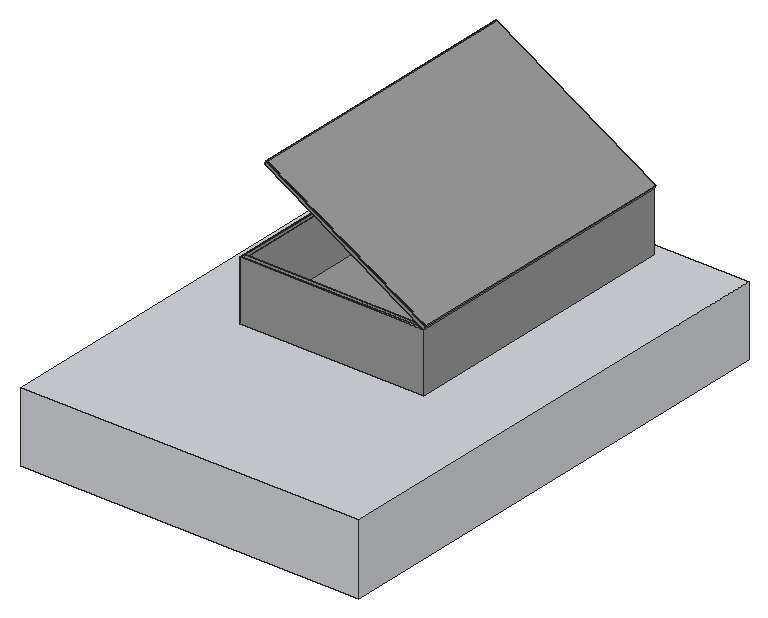
Revit family "Hager-Univers-IP55-D275-H1250-Cl.I-Steel_encl-CH-de", category Equipement électrique, Revit 2020
Family settings
  Hôte = Face
  Configuration du panneau = Deux colonnes, circuits au sein
  Cote de connecteur circulaire = Utiliser le diamètre
  Type d'élément = Tableau de raccordement
  Couper avec des vides une fois chargée = Non
  Partagée = Non
  Point de calcul de pièce = Non
Parameters (values of type "Aufputz IP55 B800 H1250 T275  - FR83E")
  Width Control [instance] = if([EF000008 - Breite] > Min Width, [EF000008 - Breite], Min Width)  # 800 mm
  Commentaires du type = [HG000003 - Bereich]  # "Univers"
  Thickness Door [instance] = if([EF009171 - Materialstärke Tür/Deckel] > 3 mm, 3 mm, [EF009171 - Materialstärke Tür/Deckel])  # 1.5 mm
  Seal Frame Offset [instance] = 17 mm  # constant formula
  Plinth Visibility [instance] = [HG000027 - Sockelhöhe] > 0 mm  # no
  Model = ""
  Min Width [instance] = 100 mm  # constant formula
  Min Height [instance] = 100 mm  # constant formula
  Min Depth [instance] = (2 * [EF009170 - Materialstärke Gehäuse]) + 1 mm  # 4 mm
  Internal Frame Depth [instance] = (Door System Depth * 0.5)  # 9 mm
  Height Control [instance] = if([EF000040 - Höhe] > Min Height, [EF000040 - Höhe], Min Height)  # 1250 mm
  HG000027 - Sockelhöhe = 0 mm
  HG000026 - Stehend auf dem Boden = no
  HG000024 - Höhe des unteren Teils = 800 mm
  HG000023 - Gehäuse mit doppeltem Querschnitt = no
  HG000016 - 3D-Türsichtbarkeit [instance] = yes
  HG000015 - Sichtbarkeit der Türöffnung [instance] = no
  HG000014 - Tür rechts [instance] = yes
  HG000013 - Tür links [instance] = not([HG000014 - Tür rechts])  # no
  HG000012 - Türschwenkwinkel [instance] = 30.00°
  HG000010 - Asymmetrische Türen = no
  HG000009 - Doppelflügeligen Tür = no
  HG000006 - Unterputz = no
  HG000004 - Herstellerreferenz = "FR83E"
  HG000003 - Bereich = "Univers"
  HG000002 - Mit tür = yes
  Frame Offset Bottom [instance] = 10 mm  # constant formula
  Frame Offset [instance] = 15 mm  # constant formula
  EF015940 - Deckel mit Überdruckentlastung = no
  EF011959 - Schutzart (NEMA) = ""
  EF009554 - Anzahl der Öffnungen für Flanschplatten = 6
  Fabricant = "Hager"  # constant formula
  EF009212 - Ausführung Deckel = "EV000116 - geschlossen"
  EF009171 - Materialstärke Tür/Deckel = 1.5 mm
  EF009170 - Materialstärke Gehäuse = 1.5 mm
  EF008873 - Nennstrom (In) = 800 A
  EF007800 - Geeignet für Blitzschutz = no
  EF006306 - Mit Schloss = no
  EF006244 - Transparenter Deckel/Tür = no
  EF005474 - Schutzart (IP) = "EV006420 - IP55"
  EF004464 - Art der Tür = "EV002646 - Einzel"
  EF004427 - Anzahl der Module = 288
  EF004293 - Schlagfestigkeit = "EV008784 - IK10"
  EF003532 - Geeignet für Außengebrauch = no
  EF002950 - Breite in Teilungseinheiten = 24
  EF001613 - Funktionserhalt = "EV000494 - ohne"
  EF001596 - Werkstoff des Gehäuses = "EV000179 - Stahl"
  EF001131 - Innentiefe = 275 mm
  EF001088 - Anbaumöglichkeit = yes
  EF000437 - Anzahl der Leitungseinführungen = 6
  EF000339 - Art der Abdeckung = "EV004216 - Tür"
  EF000266 - Anzahl der Reihen = 8
  EF000218 - Einbautiefe = 0 mm
  EF000118 - Mit Montageplatte = no
  EF000116 - RAL-Nummer = "7035"
  EF000049 - Tiefe = 275 mm
  EF000040 - Höhe = 1250 mm
  EF000008 - Breite = 800 mm
  EF000007 - Farbe = "EV000270 - grau"
  EF000003 - Montageart = "EV000384 - Aufputz"
  Door System Leaf Tolerance [instance] = 1.5 mm  # constant formula
  Door System Depth [instance] = 18 mm  # constant formula
  Door Height [instance] = Height Control - [HG000027 - Sockelhöhe]  # 1250 mm
  Depth Control [instance] = if([EF000049 - Tiefe] > Min Depth, [EF000049 - Tiefe], Min Depth)  # 275 mm
  Default Elevation = 0 mm
  Connector Offset [instance] = Height Control / 2  # 625 mm
  Bottom Top Plate Trim [instance] = 1.5 mm  # constant formula
  Plinth height Ctrl [instance] = if([HG000027 - Sockelhöhe] > 0 mm, [HG000027 - Sockelhöhe], 12 mm)  # 12 mm
Types (5, lengths in mm): name | Width Control | HG000010 - Asymmetrische Türen | HG000009 - Doppelflügeligen Tür | HG000004 - Herstellerreferenz | EF009554 - Anzahl der Öffnungen für Flanschplatten | EF004464 - Art der Tür | EF004427 - Anzahl der Module | EF000437 - Anzahl der Leitungseinführungen | EF000008 - Breite
  Aufputz IP55 B1050 H1250 T275  - FR84E | 1050 | no | yes | "FR84E" | 8 | "EV003602 - Doppel" | 384 | 8 | 1050
  Aufputz IP55 B1300 H1250 T275  - FR85E | 1300 | yes | yes | "FR85E" | 10 | "EV003602 - Doppel" | 480 | 10 | 1300
  Aufputz IP55 B300 H1250 T275  - FR81E | 300 | no | no | "FR81E" | 2 | "EV002646 - Einzel" | 96 | 2 | 300
  Aufputz IP55 B550 H1250 T275  - FR82E | 550 | no | no | "FR82E" | 4 | "EV002646 - Einzel" | 192 | 4 | 550
  Aufputz IP55 B800 H1250 T275  - FR83E | 800 | no | no | "FR83E" | 6 | "EV002646 - Einzel" | 288 | 6 | 800
Reference planes
  plane 1 "Center (Front/Back)": y = 0
  plane 2: z = 0
  plane 3 "Center (Left/Right)": x = 0
  plane 4: z = 275
  plane 5: y = 1.5
  plane 6: y = 625
  plane 7: y = 0
  plane 8: y = 1250
  plane 9: z = 0
  plane 10: x = -385
  plane 11: x = 385
  plane 12: x = 383.5
  plane 13: x = -383.5
  plane 14: y = 1248.5
  plane 15: x = -383
  plane 16: x = -400
  plane 17: x = 383
  plane 18: x = 400
  plane 19: x = 398.5
  plane 20: x = -398.5
  plane 21: y = 11.5
  plane 22: y = 1250
  plane 23: y = 1233.5
  plane 24: z = 257
  plane 25: z = 1.5
  plane 26: z = 255.5
  plane 27: z = 273.5
Forms (mm)
  Extrusion 1, solid
    sketch origin (0, 0, 0) x (1, 0, 0) y (0, 1, 0)
      loop
        line (-702.964, 1305) -> (-702.964, -811.445) -> (766.763, -811.445) -> (766.763, 1305) -> (-702.964, 1305)
    from 0 to -304.8
  Extrusion 2, solid, material "Hager_Steel_RAL7035_Light_Grey", visible <- "Plinth Visibility", detail levels medium+fine
    sketch origin (0, 0, 0) x (1, 0, 0) y (0, 1, 0)
      loop
        line (-400, 0) -> (400, 0) -> (400, 12) -> (-400, 12) -> (-400, 0)
    from 0 to 257
  Extrusion 3, solid, material "Hager_Steel_RAL7035_Light_Grey", detail levels medium+fine
    sketch origin (0, 0, 0) x (1, 0, 0) y (0, 1, 0)
      loop
        line (-400, 0) -> (400, 0) -> (400, 1250) -> (-400, 1250) -> (-400, 0)
    from 0 to 257
  Extrusion 4, void
    sketch origin (0, 0, 0) x (1, 0, 0) y (0, 1, 0)
      loop
        line (-398.5, 1.5) -> (398.5, 1.5) -> (398.5, 1248.5) -> (-398.5, 1248.5) -> (-398.5, 1.5)
    from 1.5 to 255.5
  Extrusion 5, void
    sketch origin (-381.607, -4572, 257) x (0, -1, 0) y (-1, 0, 0)
      loop
        line (-4583.5, 1.893) -> (-5805.5, 1.893) -> (-5805.5, -765.107) -> (-4583.5, -765.107) -> (-4583.5, 1.893)
    from 0 to 1.5 <- "EF009170 - Materialstärke Gehäuse"
  Extrusion 6, solid, material "Hager_Steel_RAL7035_Light_Grey", detail levels fine
    sketch origin (0, 0, 257) x (1, 0, 0) y (0, 1, 0)
      loop
        line (-383.5, 1233.5) -> (-383.5, 11.5) -> (383.5, 11.5) -> (383.5, 1233.5) -> (-383.5, 1233.5)
      loop
        line (-385, 10) -> (385, 10) -> (385, 1235) -> (-385, 1235) -> (-385, 10)
    from 0 to 9 <- "Internal Frame Depth"
  Extrusion 7, solid, material "Hager_Steel_RAL7035_Light_Grey", detail levels coarse
    sketch origin (0, 0, 0) x (1, 0, 0) y (0, 1, 0)
      loop
        line (-400, 0) -> (400, 0) -> (400, 1250) -> (-400, 1250) -> (-400, 0)
    from 0 to 275
  Sweep 8, void
    path in 3D
      loop
        line (-400, 12, 0) -> (400, 12, 0) -> (400, 12, 257) -> (-400, 12, 257) -> (-400, 12, 0)
    profile origin (-400, 12, 128.5) x (-1, 0, 0) y (0, -1, 0)
      loop
        line (0, 0) -> (0, 1.5) -> (-1.5, 1.5)
        arc (-1.5, 1.5) -> (-1.061, 0.439) -> (0, 0) r 1.5
Cuts and joins
  Extrusion 4, Extrusion 5 cuts Extrusion 3
  Sweep 8 cuts Extrusion 2
Lines and regions (mm)
  Masking region 1
    outline origin (0, 0, 0) x (1, 0, 0) y (0, 0, 1)
      loop
        line (-400, 275) -> (-400, 0) -> (400, 0) -> (400, 275) -> (-400, 275)
  Masking region 2, detail levels medium+fine
    outline origin (0, 140, 0) x (0, 1, 0) y (0, 0, 1)
      loop
        line (-140, 0) -> (1110, 0) -> (1110, 257) -> (-140, 257) -> (-140, 0)
  Masking region 3, not visible, detail levels medium+fine
    outline origin (0, 297.922, 0) x (0, 1, 0) y (0, 0, 1)
      loop
        line (338.578, 0) -> (378.578, 0) -> (378.578, 263.5)
        arc (378.578, 263.5) -> (375.649, 270.571) -> (368.578, 273.5) r 10
        line (368.578, 273.5) -> (338.578, 273.5) -> (338.578, 0)
  Masking region 4, detail levels coarse
    outline origin (0, 0, 180) x (0, 1, 0) y (0, 0, 1)
      loop
        line (0, -180) -> (1250, -180) -> (1250, 95) -> (0, 95) -> (0, -180)
  Masking region 5, visible <- "Plinth Visibility", detail levels medium+fine
    outline origin (0, 52.24, 12.345) x (0, 0, -1) y (0, 1, 0)
      loop
        line (10.845, -40.24) -> (-243.155, -40.24)
        arc (-243.155, -40.24) -> (-243.594, -41.301) -> (-244.655, -41.74) r 1.5
        line (-244.655, -41.74) -> (-244.655, -52.24) -> (12.345, -52.24) -> (12.345, -41.74)
        arc (12.345, -41.74) -> (11.285, -41.301) -> (10.845, -40.24) r 1.5
  Masking region 6, detail levels medium+fine
    outline origin (-381.607, -4572, 257) x (-1, 0, 0) y (0, -1, 0)
      loop
        line (18.393, -5822) -> (18.393, -4572) -> (-781.607, -4572) -> (-781.607, -5822) -> (18.393, -5822)
  Masking region 7, visible <- "Plinth Visibility", detail levels medium+fine
    outline origin (-381.607, -4727, 257) x (-1, 0, 0) y (0, -1, 0)
      loop
        arc (16.893, -4739) -> (17.332, -4737.939) -> (18.393, -4737.5) r 1.5
        line (18.393, -4737.5) -> (18.393, -4727) -> (-781.607, -4727) -> (-781.607, -4737.5)
        arc (-781.607, -4737.5) -> (-780.546, -4737.939) -> (-780.107, -4739) r 1.5
        line (-780.107, -4739) -> (16.893, -4739)
  Masking region 8, detail levels coarse
    outline origin (-442.548, -4669.526, 257) x (-1, 0, 0) y (0, -1, 0)
      loop
        line (-42.548, -5919.526) -> (-42.548, -4669.526) -> (-842.548, -4669.526) -> (-842.548, -5919.526) -> (-42.548, -5919.526)
  sketch lines
    curve 1: line (-400, 12, 257) -> (-400, 12, 0)
    curve 2: line (400, 12, 257) -> (-400, 12, 257)
    curve 3: line (400, 12, 257) -> (400, 12, 0)
    curve 4: line (-400, 12, 0) -> (400, 12, 0)
Dimensions and locks
  "Depth Control": plane 4 to Extrusion 1
  "HG000027 - Sockelhöhe": plane 1 "Center (Front/Back)" to plane 7
  "EF009170 - Materialstärke Gehäuse": plane 5 to plane 7
  locked: connector elem to plane 3 "Center (Left/Right)"
  equal spacing: plane 8, plane 6, plane 7
  locked: connector elem to plane 6
  "EF009170 - Materialstärke Gehäuse": plane 8 to plane 14
  "EF009170 - Materialstärke Gehäuse": plane 10 to plane 13
  "EF009170 - Materialstärke Gehäuse": plane 12 to plane 11
  "Frame Offset": plane 20 to plane 13
  "Frame Offset": plane 12 to plane 19
  "EF009170 - Materialstärke Gehäuse": plane 16 to plane 20
  "EF009170 - Materialstärke Gehäuse": plane 19 to plane 18
  "Seal Frame Offset": plane 16 to plane 15
  "Seal Frame Offset": plane 17 to plane 18
  "Frame Offset Bottom": plane 21 to plane 5
  "Frame Offset": plane 14 to plane 23
  equal spacing: plane 16, plane 3 "Center (Left/Right)", plane 18
  "Width Control": plane 16 to plane 18
  "EF009170 - Materialstärke Gehäuse": plane 4 to plane 27
  "EF009170 - Materialstärke Gehäuse": plane 24 to plane 26
  "EF009170 - Materialstärke Gehäuse": plane 25 to level
  "Door System Depth": plane 4 to plane 24
  "Height Control": plane 1 "Center (Front/Back)" to Extrusion 7 sketch curve
  "Height Control": Masking region 4 sketch curve to plane 1 "Center (Front/Back)"
  "Height Control": plane 1 "Center (Front/Back)" to plane 22
  "Bottom Top Plate Trim": profile plane to Sweep 8 sketch curve
  "Bottom Top Plate Trim": Sweep 8 sketch curve to profile plane
  "Plinth height Ctrl": plane 1 "Center (Front/Back)" to Extrusion 2 sketch curve
  "Plinth height Ctrl": Masking region 5 sketch curve to plane 1 "Center (Front/Back)"
  "Plinth height Ctrl": plane 1 "Center (Front/Back)" to Masking region 7 sketch curve
  "Thickness Door": Extrusion 6 sketch curve to Extrusion 6 sketch curve  (x3)
  "Thickness Door": cut or joined group of Extrusion 3, Extrusion 4, Extrusion 5 to Extrusion 6 sketch curve
  radius of Masking region 3 sketch curve = 10 mm
  "Bottom Top Plate Trim": radius of Masking region 5 sketch curve  (x2)
  "Bottom Top Plate Trim": radius of Sweep 8 sketch curve
  "Bottom Top Plate Trim": radius of Masking region 7 sketch curve  (x2)
  aligned and locked: plane 2 to Extrusion 1
  aligned and locked: level to Extrusion 1
  aligned and locked: level to Masking region 1 sketch curve
  aligned and locked: Masking region 1 sketch curve to plane 18
  aligned and locked: Masking region 1 sketch curve to plane 16
  aligned and locked: plane 7 to Masking region 2 sketch curve
  aligned and locked: level to Masking region 3 sketch curve
  aligned and locked: Masking region 3 sketch curve to plane 27
  aligned and locked: level to Masking region 2 sketch curve
  aligned and locked: plane 1 "Center (Front/Back)" to Extrusion 2 sketch curve
  aligned and locked: Extrusion 3 sketch curve to plane 7
  aligned and locked: plane 16 to Extrusion 3 sketch curve
  aligned and locked: plane 18 to Extrusion 3 sketch curve
  aligned and locked: plane 20 to Extrusion 4 sketch curve
  aligned and locked: plane 19 to Extrusion 4 sketch curve
  aligned and locked: Extrusion 4 sketch curve to plane 5
  aligned and locked: Extrusion 4 to plane 25
  aligned and locked: plane 26 to Extrusion 4
  aligned and locked: plane 24 to Extrusion 3
  aligned and locked: Extrusion 5 sketch curve to plane 21
  aligned and locked: Extrusion 5 sketch curve to plane 13
  aligned and locked: Extrusion 5 sketch curve to plane 12
  aligned and locked: plane 18 to Extrusion 7 sketch curve
  aligned and locked: plane 1 "Center (Front/Back)" to Extrusion 7 sketch curve
  aligned and locked: plane 16 to Extrusion 7 sketch curve
  aligned and locked: plane 4 to Extrusion 7
  aligned and locked: Extrusion 7 to level
  aligned and locked: level to Masking region 4 sketch curve
  aligned and locked: Masking region 4 sketch curve to plane 1 "Center (Front/Back)"
  aligned and locked: Masking region 4 sketch curve to plane 4
  aligned and locked: nested 1 to level
  aligned and locked: nested 1 to plane 16
  aligned and locked: plane 8 to Extrusion 3 sketch curve
  aligned and locked: plane 23 to Extrusion 5 sketch curve
  aligned and locked: plane 14 to Extrusion 4 sketch curve
  aligned and locked: Masking region 2 sketch curve to plane 8
  aligned and locked: level to Masking region 5 sketch curve
  aligned and locked: plane 16 to Extrusion 2 sketch curve
  aligned and locked: plane 18 to Extrusion 2 sketch curve
  aligned and locked: Masking region 5 sketch curve to plane 24
  aligned and locked: Masking region 2 sketch curve to plane 24
  aligned and locked: plane 24 to Extrusion 2
  aligned and locked: profile plane to Sweep 8 sketch curve  (x2)
  aligned and locked: Masking region 6 sketch curve to plane 18
  aligned and locked: Masking region 6 sketch curve to plane 22
  aligned and locked: Masking region 6 sketch curve to plane 16
  aligned and locked: plane 8 to plane 22
  aligned and locked: Masking region 6 sketch curve to plane 7
  aligned and locked: Masking region 7 sketch curve to plane 16
  aligned and locked: Masking region 7 sketch curve to plane 1 "Center (Front/Back)"
  aligned and locked: Masking region 7 sketch curve to plane 18
  aligned and locked: Masking region 8 sketch curve to plane 1 "Center (Front/Back)"
  aligned and locked: Masking region 8 sketch curve to plane 18
  aligned and locked: Masking region 8 sketch curve to plane 22
  aligned and locked: Masking region 8 sketch curve to plane 16
  aligned and locked: nested 2 to plane 7
  aligned and locked: plane 3 "Center (Left/Right)" to nested 2
  aligned and locked: nested 2 to plane 24
  aligned and locked: Extrusion 6 sketch curve to cut or joined group of Extrusion 3, Extrusion 4, Extrusion 5  (x4)
Automatic sketch dimensions
  Extrusion 1 sketch curve to Extrusion 1 sketch curve = 1469.727 mm
  Extrusion 1 sketch curve to Extrusion 1 sketch curve = 2116.445 mm
  Masking region 1 sketch curve to plane 4 = 0 mm
  plane 6 to Masking region 3 sketch curve = 11.5 mm
  Masking region 3 sketch curve to Masking region 3 sketch curve = 30 mm
  Masking region 5 sketch curve to plane 1 "Center (Front/Back)" = 0 mm
Nested families
  nested 1: "Hager_Enclosure_Symbol" at (-400, 0, 0) x (1, 0, 0) z (0, -1, 0), Height <- "Depth Control", Width <- "Width Control", type "Hager_Enclosure_Symbol"
    with Width_Ctrl 800 mm, Width 800 mm, Height_Ctrl 275 mm, Height 275 mm, A_Width_Int 18.047 mm, A_Width 216.562 mm, A_Height_Ctrl 240.625 mm, A_Height 240.625 mm
  nested 2: "EC000058_Univers_Door" at (0, 0, 257) x (1, 0, 0) z (0, 1, 0), Leaf_Tolerance <- "Door System Leaf Tolerance", Angle <- "HG000012 - Türschwenkwinkel", Door_Depth <- "Door System Depth", Door_Left <- "HG000013 - Tür links", Transparent <- "EF006244 - Transparenter Deckel/Tür", Assymetrical <- "HG000010 - Asymmetrische Türen", Width <- "Width Control", Clearance <- "HG000015 - Sichtbarkeit der Türöffnung", Double <- "HG000009 - Doppelflügeligen Tür", 3d_Door <- "HG000016 - 3D-Türsichtbarkeit", Lock_Visibility <- "EF006306 - Mit Schloss", Width_Ctrl <- "Width Control", Door_Right <- "HG000014 - Tür rechts", Door <- "HG000002 - Mit tür", Height <- "Door Height", Thickness <- "Thickness Door", type "EC000058_Univers_Door", detail levels medium+fine
    with min_wh 4 mm, Width_Ctrl 800 mm, Width 800 mm, Transparent no, Thickness 1.5 mm, Seal_Material Hager_Rubber, Lock_Visibility no, Lock_Material Hager_Plastic_RAL9005_Jet_Black, Leaf_Width 800 mm, Leaf_Tolerance_External_Sides 0 mm, Leaf_Tolerance 1.5 mm, Leaf_Offset 0 mm, Leaf_Height 1247 mm, Leaf_2_Width 800 mm, Leaf_2_Offset 400 mm, Leaf_1_Width 800 mm, Leaf_1_Offset 400 mm, Height_Ctrl 1250 mm, Height 1250 mm, Glass_Material Hager_Glass, Double_Clearance_Ctrl no, Double no, Door_Right_Ctrl yes, Door_Right yes, Door_Material Hager_Steel_RAL7035_Light_Grey, Door_Left_Ctrl no, Door_Left no, Door_Depth 18 mm, Door yes, Clearance_Material Hager_Clearance, Clearance_Depth 800 mm, Clearance_Ctrl no, Clearance no, Assymetrical no, Angle 30.00°, 3d_Door yes
Connectors
  electrical at (0, 625, 0)
    settings: on plane 9, index 1, voltage 0 V, apparent load 0 VA, apparent load phase1 0 VA, apparent load phase2 0 VA, apparent load phase3 0 VA, power factor 1, load classification "Other", number of poles 1, system type 30, power factor state 1, is connector primary yes, connector utility no, sub classification motor no, connector description ""
Definition of nested family "EC000058_Univers_Door"
  Parameters (values of type "EC000058_Univers_Door")
    min_wh [instance] = (2 * Thickness) + 1 mm  # 11 mm
    Width_Ctrl [instance] = 400 mm
    Width [instance] = 500 mm
    Transparent [instance] = yes
    Thickness [instance] = 5 mm
    Seal_Material [instance] = none
    Lock_Visibility [instance] = yes
    Lock_Material [instance] = none
    Leaf_Width [instance] = if((Width_Ctrl - 2 * Leaf_Tolerance_External_Sides) > 0 mm, (Width_Ctrl - 2 * Leaf_Tolerance_External_Sides), min_wh)  # 400 mm
    Leaf_Tolerance_External_Sides [instance] = 0 mm  # constant formula
    Leaf_Tolerance [instance] = 1.5 mm
    Leaf_Offset [instance] = 0 mm  # constant formula
    Leaf_Height [instance] = if((Height_Ctrl - 2 * Leaf_Tolerance) > 0 mm, (Height_Ctrl - 2 * Leaf_Tolerance), min_wh)  # 497 mm
    Leaf_2_Width [instance] = if(and(and(Double, Assymetrical), Door_Left), (Leaf_Width / 3) - (Leaf_Tolerance / 2), if(and(and(Double, Assymetrical), Door_Right), (Leaf_Width / 3) * 2 - (Leaf_Tolerance / 2), if(and(Double, not(Assymetrical)), (Leaf_Width / 2) - Leaf_Tolerance, Leaf_Width)))  # 400 mm
    Leaf_2_Offset [instance] = if(and(Double, Assymetrical), Leaf_2_Width / 2, if(and(Double, not(Assymetrical)), Leaf_Width / 4, Leaf_Width / 2))  # 200 mm
    Leaf_1_Width [instance] = if(and(and(Double, Assymetrical), Door_Right), (Leaf_Width / 3) - (Leaf_Tolerance / 2), if(and(and(Double, Assymetrical), Door_Left), (Width / 3) * 2 - (Leaf_Tolerance / 2), if(and(Double, not(Assymetrical)), (Leaf_Width / 2) - Leaf_Tolerance, Leaf_Width)))  # 400 mm
    Leaf_1_Offset [instance] = if(and(Double, Assymetrical), Leaf_1_Width / 2, if(and(Double, not(Assymetrical)), Leaf_Width / 4, Leaf_Width / 2))  # 200 mm
    Height_Ctrl [instance] = if(Height > min_wh, Height, min_wh)  # 500 mm
    Height [instance] = 500 mm
    Glass_Material [instance] = none
    Double_Clearance_Ctrl [instance] = and(Double, Clearance)  # no
    Double [instance] = no
    Door_Right_Ctrl [instance] = and(or(Door_Right, Double), Door)  # yes
    Door_Right [instance] = yes
    Door_Material [instance] = none
    Door_Left_Ctrl [instance] = and(or(Door_Left, Double), Door)  # no
    Door_Left [instance] = no
    Door_Depth [instance] = 30 mm
    Door [instance] = yes
    Default Elevation = 1219.2 mm
    Clearance_Material [instance] = none
    Clearance_Depth [instance] = if(Leaf_1_Width > Leaf_2_Width, Leaf_1_Width, Leaf_2_Width)  # 400 mm
    Clearance_Ctrl [instance] = and(not(Double), Clearance)  # yes
    Clearance [instance] = yes
    Assymetrical [instance] = yes
    Angle [instance] = 30.00°
    3d_Door [instance] = yes
  Reference planes
    plane 1 "Center (Front/Back)": y = 0
    plane 2 "Bottom": z = 0
    plane 3 "Center (Left/Right)": x = 0
    plane 4: z = 500
    plane 5: x = -200
    plane 6: x = 200
    plane 7: z = 500
    plane 8: x = -200
    plane 9: z = 0
    plane 10: x = 200
    plane 11: y = 0
    plane 12: z = 1.5
    plane 13: x = -600
    plane 14: y = -400
    plane 15: x = 600
    plane 16: x = 0
    plane 17: x = 0
    plane 18: x = -200
    plane 19: x = 200
    plane 20: z = 498.5
  Forms (mm)
    Extrusion 1, solid, material <- "Clearance_Material", visible <- "Double_Clearance_Ctrl"
      sketch origin (1200, 0, 0) x (1, 0, 0) y (0, 0, -1)
        loop
          line (-1800, -498.5) -> (-600, -498.5) -> (-600, 0) -> (-1800, 0) -> (-1800, -498.5)
      from 0 to -400
  Dimensions and locks
    equal spacing: plane 5, plane 3 "Center (Left/Right)", plane 6
    "Width_Ctrl": plane 5 to plane 6
    "Leaf_Offset": plane 5 to plane 8
    "Leaf_Offset": plane 6 to plane 10
    "Leaf_Offset": plane 9 to level
    "Leaf_Offset": plane 4 to plane 7
    "Height_Ctrl": plane 4 to level
    "Leaf_Tolerance": plane 12 to plane 9
    locked: plane 11 to plane 1 "Center (Front/Back)"
    "Leaf_1_Offset": plane 18 to plane 16
    "Leaf_2_Offset": plane 17 to plane 19
    "Leaf_1_Width": plane 13 to plane 8
    "Leaf_2_Width": plane 10 to plane 15
    "Clearance_Depth": plane 14 to plane 1 "Center (Front/Back)"
    "Leaf_Tolerance_External_Sides": plane 8 to plane 18
    "Leaf_Tolerance_External_Sides": plane 19 to plane 10
    "Leaf_Tolerance": plane 7 to plane 20
    aligned and locked: level to plane 2 "Bottom"
    aligned and locked: nested 1 to plane 16
    aligned and locked: nested 2 to plane 17
    aligned and locked: Extrusion 1 to plane 13
    aligned and locked: plane 15 to Extrusion 1
    aligned and locked: Extrusion 1 to plane 14
    aligned and locked: plane 12 to nested 1
    aligned and locked: nested 2 to plane 12
    aligned and locked: Extrusion 1 to plane 11
    aligned and locked: plane 20 to Extrusion 1
    aligned and locked: nested 2 to plane 11
    aligned and locked: nested 1 to plane 11
  Automatic sketch dimensions
    Extrusion 1 sketch curve to level = 0 mm
    plane 5 to Extrusion 1 sketch curve = 400 mm
    plane 6 to Extrusion 1 sketch curve = 400 mm
    Extrusion 1 sketch curve to plane 4 = 1.5 mm
  Nested families
    nested 1: "EC000058_Univers_Door_Leaf" at (0, 0, 1.5), Width <- "Leaf_1_Width", visible <- "Door_Left_Ctrl", Leaf_Height <- "Leaf_Height", Angle <- "Angle", 3d_Door <- "3d_Door", Transparent <- "Transparent", Clearance Material <- "Clearance_Material", Clearance <- "Clearance_Ctrl", Door_Material <- "Door_Material", Glass_Material <- "Glass_Material", Door_Depth <- "Door_Depth", Lock_Material <- "Lock_Material", Seal_Material <- "Seal_Material", Lock_Visibility <- "Lock_Visibility", Thickness <- "Thickness", type "EC000058_Univers_Door_Leaf"
      with Width 400 mm, Transparent_Glass_Offset 30 mm, Transparent_Ctrl yes, Transparent yes, Thickness 5 mm, Standard no, Seal_Material none, Seal_D2 8 mm, Seal_D1 1 mm, Offset_Internal_Frame 10 mm, Lock_Width 20 mm, Lock_Visibility_3d yes, Lock_Visibility yes, Lock_Thickness_3 3 mm, Lock_Thickness_2 1 mm, Lock_Thickness_1 3 mm, Lock_Radius_Offset_2 16 mm, Lock_Radius_Offset_1 15 mm, Lock_Radius_2 5 mm, Lock_Radius 6 mm, Lock_Offset 5 mm, Lock_Material none, Lock_Height 80 mm, Lock_Cover_Top_Offset_2d 17 mm, Lock_Cover_Height -65 mm, Leaf_Height 497 mm, Internal_Seal_Thickness 8 mm, Internal_Seal_Depth_2 4.5 mm, Internal_Frame_Depth 25 mm, Glass_Thickness -1 mm, Glass_Offset -2 mm, Glass_Material none, Door_Material none, Door_Depth 30 mm, Clearance Material none, Clearance yes, Angle_Ctrl 30.00°, Angle 30.00°, 3d_Door yes
    nested 2: "EC000058_Univers_Door_Leaf" at (0, 0, 1.5) x (-1, 0, 0) z (0, 0, 1), Width <- "Leaf_2_Width", visible <- "Door_Right_Ctrl", Leaf_Height <- "Leaf_Height", Angle <- "Angle", 3d_Door <- "3d_Door", Transparent <- "Transparent", Clearance Material <- "Clearance_Material", Clearance <- "Clearance_Ctrl", Door_Material <- "Door_Material", Glass_Material <- "Glass_Material", Door_Depth <- "Door_Depth", Lock_Material <- "Lock_Material", Seal_Material <- "Seal_Material", Lock_Visibility <- "Lock_Visibility", Thickness <- "Thickness", type "EC000058_Univers_Door_Leaf"
      with Width 400 mm, Transparent_Glass_Offset 30 mm, Transparent_Ctrl yes, Transparent yes, Thickness 5 mm, Standard no, Seal_Material none, Seal_D2 8 mm, Seal_D1 1 mm, Offset_Internal_Frame 10 mm, Lock_Width 20 mm, Lock_Visibility_3d yes, Lock_Visibility yes, Lock_Thickness_3 3 mm, Lock_Thickness_2 1 mm, Lock_Thickness_1 3 mm, Lock_Radius_Offset_2 16 mm, Lock_Radius_Offset_1 15 mm, Lock_Radius_2 5 mm, Lock_Radius 6 mm, Lock_Offset 5 mm, Lock_Material none, Lock_Height 80 mm, Lock_Cover_Top_Offset_2d 17 mm, Lock_Cover_Height -65 mm, Leaf_Height 497 mm, Internal_Seal_Thickness 8 mm, Internal_Seal_Depth_2 4.5 mm, Internal_Frame_Depth 25 mm, Glass_Thickness -1 mm, Glass_Offset -2 mm, Glass_Material none, Door_Material none, Door_Depth 30 mm, Clearance Material none, Clearance yes, Angle_Ctrl 30.00°, Angle 30.00°, 3d_Door yes
  Definition of nested family "EC000058_Univers_Door_Leaf"
    Parameters (values of type "EC000058_Univers_Door_Leaf")
      Width [instance] = 2000 mm
      Transparent_Glass_Offset [instance] = 30 mm
      Transparent_Ctrl [instance] = and(Transparent, [3d_Door])  # yes
      Transparent [instance] = yes
      Thickness [instance] = 5 mm
      Standard [instance] = and(not(Transparent), [3d_Door])  # no
      Seal_Material [instance] = none
      Seal_D2 [instance] = 8 mm  # constant formula
      Seal_D1 [instance] = 1 mm  # constant formula
      Offset_Internal_Frame [instance] = 10 mm  # constant formula
      Lock_Width [instance] = 20 mm  # constant formula
      Lock_Visibility_3d [instance] = and(Lock_Visibility, [3d_Door])  # yes
      Lock_Visibility [instance] = yes
      Lock_Thickness_3 [instance] = 3 mm  # constant formula
      Lock_Thickness_2 [instance] = 1 mm  # constant formula
      Lock_Thickness_1 [instance] = 3 mm  # constant formula
      Lock_Radius_Offset_2 [instance] = Lock_Radius_Offset_1 + 1 mm  # 16 mm
      Lock_Radius_Offset_1 [instance] = 15 mm  # constant formula
      Lock_Radius_2 [instance] = Lock_Radius - 1 mm  # 5 mm
      Lock_Radius [instance] = 6 mm  # constant formula
      Lock_Offset [instance] = 5 mm  # constant formula
      Lock_Material [instance] = none
      Lock_Height [instance] = 80 mm  # constant formula
      Lock_Cover_Top_Offset_2d [instance] = Lock_Radius_Offset_2 + 1 mm  # 17 mm
      Lock_Cover_Height [instance] = -(Lock_Height - Lock_Radius_Offset_1)  # -65 mm
      Leaf_Height [instance] = 2720.336 mm
      Internal_Seal_Thickness [instance] = 8 mm  # constant formula
      Internal_Seal_Depth_2 [instance] = 4.5 mm  # constant formula
      Internal_Frame_Depth [instance] = if(Door_Depth - Thickness > 5 mm, Door_Depth - Thickness, 5 mm)  # 25 mm
      Glass_Thickness [instance] = if(Thickness > 15 mm, Glass_Offset + 10 mm, -1 mm)  # -1 mm
      Glass_Offset [instance] = if(Thickness > 15 mm, -(Thickness + 10 mm) / 2, -2 mm)  # -2 mm
      Glass_Material [instance] = none
      Door_Material [instance] = none
      Door_Depth [instance] = 30 mm
      Default Elevation = 0 mm
      Clearance Material [instance] = none
      Clearance [instance] = yes
      Angle_Ctrl [instance] = if(Angle > 180.00°, 180.00°, Angle)  # 90.00°
      Angle [instance] = 90.00°
      3d_Door [instance] = yes
    Reference planes
      plane 1 "Center (Front/Back)": y = 0
      plane 2: z = 0
      plane 3 "Center (Left/Right)": x = 0
      plane 4: y = 2000
      plane 5: x = -1000
      plane 6: x = 1000
      plane 7: x = -3000
      plane 8: z = 2720.336
      plane 9: z = 30
      plane 10: z = 2690.336
      plane 11: x = 970
      plane 12: x = -970
      plane 13: y = -3
      plane 14: z = 107.833
      plane 15: y = -5
      plane 16: y = -223.314
      plane 17: x = -1000
      plane 18: z = 1360.168
      plane 19: y = 30
    Forms (mm)
      Extrusion 1, solid, material <- "Clearance Material", visible <- "Clearance"
        sketch origin (0, 0, 0) x (1, 0, 0) y (0, 0, 1)
          loop
            line (-3000, 2720.336) -> (-3000, 0) -> (1000, 0) -> (1000, 2720.336) -> (-3000, 2720.336)
        from 0 to -2000
      Extrusion 2, solid, material <- "Door_Material", visible <- "Standard", detail levels medium+fine
        sketch origin (-1000, 0, 0) x (0, 1, 0) y (-1, 0, 0)
          loop
            line (0, 30) -> (0, 25) -> (2000, 25) -> (2000, 30) -> (0, 30)
        from 0 to 2720.336 <- "Leaf_Height"
      Extrusion 3, solid, material <- "Door_Material", visible <- "Transparent_Ctrl", detail levels medium+fine
        sketch origin (-1000, 0, 0) x (0, 1, 0) y (-1, 0, 0)
          loop
            line (0, 25) -> (2000, 25) -> (2000, 30) -> (0, 30) -> (0, 25)
        from 0 to 2720.336 <- "Leaf_Height"
      Extrusion 4, void
        sketch origin (-1025, 2000, 0) x (0, 1, 0) y (0, 0, -1)
          loop
            line (-30, -2690.336) -> (-30, -30) -> (-1970, -30) -> (-1970, -2690.336) -> (-30, -2690.336)
        from 0 to 5 <- "Thickness"
      Sweep 5, solid, material <- "Seal_Material", visible <- "Transparent_Ctrl", detail levels fine
        path in 3D
          loop
            line (-1025, 30, 30) -> (-1025, 30, 2690.336) -> (-1025, 1970, 2690.336) -> (-1025, 1970, 30) -> (-1025, 30, 30)
        profile origin (-1025, 1000, 30) x (1, 0, 0) y (0, 0, 1)
          loop
            line (0, 0) -> (0, -8) -> (1, -8) -> (1, 0) -> (0, 0)
      Extrusion 6, solid, material <- "Glass_Material", visible <- "Transparent_Ctrl", detail levels medium+fine
        sketch origin (-1030, 0, 0) x (0, 1, 0) y (0, 0, -1)
          loop
            line (1970, -2690.336) -> (1970, -30) -> (30, -30) -> (30, -2690.336) -> (1970, -2690.336)
        from -2 <- "Glass_Offset" to -1 <- "Glass_Thickness"
      Extrusion 7, solid, material <- "Door_Material", visible <- "3d_Door", detail levels medium+fine
        sketch origin (-1025, 2000, 0) x (0, -1, 0) y (0, 0, -1)
          loop
            line (0, -2720.336) -> (2000, -2720.336) -> (2000, 0) -> (0, 0) -> (0, -2720.336)
          loop
            line (1995, -5) -> (5, -5) -> (5, -2715.336) -> (1995, -2715.336) -> (1995, -5)
        from 0 to 25 <- "Internal_Frame_Depth"
      Sweep 8, solid, material <- "Seal_Material", visible <- "Transparent_Ctrl", detail levels fine
        path in 3D
          loop
            line (-1025, 0, 0) -> (-1025, 2000, 0) -> (-1025, 2000, 2720.336) -> (-1025, 0, 2720.336) -> (-1025, 0, 0)
        profile origin (-1025, 0, 1360.168) x (1, 0, 0) y (0, 1, 0)
          loop
            line (0, 10) -> (2.975, 10)
            arc (2.975, 10) -> (4.053, 10.447) -> (4.5, 11.525) r 1.525
            line (4.5, 11.525) -> (4.5, 16.527)
            arc (4.5, 16.527) -> (4.069, 17.569) -> (3.027, 18) r 1.473
            line (3.027, 18) -> (0, 18) -> (0, 10)
      Extrusion 9, solid, material <- "Lock_Material", visible <- "Lock_Visibility_3d", detail levels fine
        sketch origin (-1030, 0, 0) x (0, 1, 0) y (0, 0, -1)
          loop
            arc (1993.5, -1400.168) -> (1994.561, -1399.729) -> (1995, -1398.668) r 1.5
            line (1995, -1398.668) -> (1995, -1320.168) -> (1975, -1320.168) -> (1975, -1398.668)
            arc (1975, -1398.668) -> (1975.439, -1399.729) -> (1976.5, -1400.168) r 1.5
            line (1976.5, -1400.168) -> (1993.5, -1400.168)
        from 3 <- "Lock_Thickness_1" to 0
      Blend 10, solid, material <- "Lock_Material", visible <- "Lock_Visibility_3d", detail levels fine
        base sketch origin (-1033, 0, 0) x (0, 1, 0) y (0, 0, -1)
          loop
            line (1975, -1320.168) -> (1975, -1398.668)
            arc (1975, -1398.668) -> (1975.439, -1399.729) -> (1976.5, -1400.168) r 1.5
            line (1976.5, -1400.168) -> (1993.5, -1400.168)
            arc (1993.5, -1400.168) -> (1994.561, -1399.729) -> (1995, -1398.668) r 1.5
            line (1995, -1398.668) -> (1995, -1320.168) -> (1975, -1320.168)
        top sketch origin (-1033, 0, 0) x (0, 1, 0) y (0, 0, -1)
          loop
            line (1976, -1320.168) -> (1976, -1398.668)
            arc (1976, -1398.668) -> (1976.146, -1399.022) -> (1976.5, -1399.168) r 0.5
            line (1976.5, -1399.168) -> (1993.5, -1399.168)
            arc (1993.5, -1399.168) -> (1993.854, -1399.022) -> (1994, -1398.668) r 0.5
            line (1994, -1398.668) -> (1994, -1320.168) -> (1976, -1320.168)
        from 0 to 1 <- "Lock_Thickness_2"
      Blend 11, solid, material <- "Lock_Material", visible <- "Lock_Visibility_3d", detail levels fine
        base sketch origin (-1034, 0, 0) x (0, 1, 0) y (0, 0, -1)
          loop
            line (1978, -1320.168) -> (1978, -1384.168)
            arc (1978, -1384.168) -> (1985, -1391.168) -> (1992, -1384.168) r 7
            line (1992, -1384.168) -> (1992, -1320.168) -> (1978, -1320.168)
        top sketch origin (-1034, 0, 0) x (0, 1, 0) y (0, 0, -1)
          loop
            line (1991, -1320.168) -> (1979, -1320.168) -> (1979, -1383.168)
            arc (1979, -1383.168) -> (1985, -1389.168) -> (1991, -1383.168) r 6
            line (1991, -1383.168) -> (1991, -1320.168)
        from 0 to 3 <- "Lock_Thickness_3"
      Extrusion 12, solid, material <- "Lock_Material", visible <- "Lock_Visibility_3d", detail levels fine
        sketch origin (-1030, 1975, 1320.168) x (1, 0, 0) y (0, -1, 0)
          loop
            line (-7, -19) -> (-7, -1) -> (0, -1) -> (0, 0) -> (-8, 0) -> (-8, -20) -> (0, -20) -> (0, -19) -> (-7, -19)
        from 0 to -65 <- "Lock_Cover_Height"
      Extrusion 13, void
        sketch origin (-1038, 1995, 1320.168) x (-1, 0, 0) y (0, 0, -1)
          loop
            line (-5, -65) -> (0, -65) -> (-5, -60) -> (-5, -65)
        from 0 to 20 <- "Lock_Width"
      Extrusion 14, void
        sketch origin (-1038, 1975, 1320.168) x (0, -1, 0) y (0, 0, -1)
          loop
            circle (-10, -15.995) r 6
          loop
            circle (-10, -15.995) r 5
        from 0 to 2
      Extrusion 15, solid, material <- "Lock_Material", visible <- "Lock_Visibility_3d", detail levels medium
        sketch origin (-1030, 0, 0) x (0, 1, 0) y (0, 0, -1)
          loop
            arc (1993.5, -1400.168) -> (1994.561, -1399.729) -> (1995, -1398.668) r 1.5
            line (1995, -1398.668) -> (1995, -1320.168) -> (1975, -1320.168) -> (1975, -1398.668)
            arc (1975, -1398.668) -> (1975.439, -1399.729) -> (1976.5, -1400.168) r 1.5
            line (1976.5, -1400.168) -> (1993.5, -1400.168)
        from 8 to 0
    Cuts and joins
      Extrusion 4 cuts Extrusion 3
      Extrusion 13, Extrusion 14 cuts Extrusion 9
      Extrusion 14 cuts Blend 11
      Extrusion 13, Extrusion 14 cuts Extrusion 12
      joined: Extrusion 9, Blend 10, Blend 11, Extrusion 12
      Extrusion 14 cuts Extrusion 15
    Lines and regions (mm)
      Masking region 1, visible <- "Lock_Visibility", detail levels fine
        outline origin (0, 0, 0) x (0, 1, 0) y (0, 0, 1)
          loop
            line (30, 1320.168) -> (33, 1320.168) -> (33, 1400.168) -> (30, 1400.168) -> (30, 1320.168)
      Masking region 2, visible <- "Lock_Visibility", detail levels fine
        outline origin (0, 3.143, 0) x (0, 1, 0) y (0, 0, 1)
          loop
            line (29.857, 1354.168) -> (30.857, 1354.168) -> (30.857, 1366.168) -> (29.857, 1366.168) -> (29.857, 1354.168)
      Masking region 3, detail levels medium+fine
        outline origin (0, 0, 0) x (0, 1, 0) y (0, 0, 1)
          loop
            line (0, 0) -> (30, 0) -> (30, 2720.336) -> (0, 2720.336) -> (0, 0)
      Masking region 4, detail levels medium+fine
        outline origin (0, 0, 0) x (1, 0, 0) y (0, 0, 1)
          loop
            line (-1000, 2720.336) -> (-1000, 0) -> (1000, 0) -> (1000, 2720.336) -> (-1000, 2720.336)
      Masking region 5, visible <- "Lock_Visibility", detail levels fine
        outline origin (-47.116, 0, 0) x (1, 0, 0) y (0, 0, 1)
          loop
            arc (1024.616, 1399.168) -> (1023.556, 1398.729) -> (1023.116, 1397.668) r 1.5
            line (1023.116, 1397.668) -> (1023.116, 1320.168) -> (1041.116, 1320.168) -> (1041.116, 1397.668)
            arc (1041.116, 1397.668) -> (1040.677, 1398.729) -> (1039.616, 1399.168) r 1.5
            line (1039.616, 1399.168) -> (1024.616, 1399.168)
      Masking region 6, visible <- "Lock_Visibility", detail levels medium+fine
        outline origin (-25, 0, 0) x (1, 0, 0) y (0, 0, 1)
          loop
            arc (1001.5, 1400.168) -> (1000.439, 1399.729) -> (1000, 1398.668) r 1.5
            line (1000, 1398.668) -> (1000, 1320.168) -> (1020, 1320.168) -> (1020, 1398.668)
            arc (1020, 1398.668) -> (1019.561, 1399.729) -> (1018.5, 1400.168) r 1.5
            line (1018.5, 1400.168) -> (1001.5, 1400.168)
      Masking region 7, visible <- "Lock_Visibility", detail levels fine
        outline origin (-73.735, 0, 0) x (1, 0, 0) y (0, 0, 1)
          loop
            line (1051.735, 1382.168) -> (1065.735, 1382.168) -> (1065.735, 1384.168)
            arc (1065.735, 1384.168) -> (1058.735, 1391.168) -> (1051.735, 1384.168) r 7
            line (1051.735, 1384.168) -> (1051.735, 1382.168)
      Masking region 8, visible <- "Lock_Visibility", detail levels fine
        outline origin (-73.735, 0, 0) x (1, 0, 0) y (0, 0, 1)
          loop
            line (1052.735, 1382.168) -> (1064.735, 1382.168) -> (1064.735, 1383.168)
            arc (1064.735, 1383.168) -> (1058.735, 1389.168) -> (1052.735, 1383.168) r 6
            line (1052.735, 1383.168) -> (1052.735, 1382.168)
      Masking region 9, visible <- "Lock_Visibility", detail levels fine
        outline origin (-25, 0, 0) x (1, 0, 0) y (0, 0, 1)
          loop
            line (1020, 1320.168) -> (1020, 1382.168) -> (1000, 1382.168) -> (1000, 1320.168) -> (1020, 1320.168)
      Masking region 10, detail levels medium+fine
        outline origin (0, 0, 0) x (1, 0, 0) y (0, 0, 1)
          loop
            circle (985, 1335.144) r 6
      Masking region 11, detail levels fine
        outline origin (0, 0, 0) x (1, 0, 0) y (0, 0, 1)
          loop
            circle (985, 1335.144) r 5
      Masking region 12, visible <- "Lock_Visibility", detail levels fine
        outline origin (0, 12.767, 0) x (0, 1, 0) y (0, 0, 1)
          loop
            line (20.233, 1320.168) -> (21.233, 1320.168) -> (21.233, 1399.168) -> (20.233, 1400.168) -> (20.233, 1320.168)
      Masking region 13, visible <- "Lock_Visibility", detail levels fine
        outline origin (0, 13.767, -10) x (0, 1, 0) y (0, 0, 1)
          loop
            line (20.233, 1330.168) -> (23.233, 1330.168) -> (23.233, 1399.168) -> (20.233, 1402.168) -> (20.233, 1330.168)
      Masking region 14, visible <- "Lock_Visibility", detail levels fine
        outline origin (0, 12.767, -10) x (0, 1, 0) y (0, 0, 1)
          loop
            line (20.233, 1330.168) -> (25.233, 1330.168) -> (25.233, 1399.305) -> (20.233, 1394.305) -> (20.233, 1330.168)
      Masking region 15, visible <- "Lock_Visibility", detail levels medium
        outline origin (0, 0, 0) x (0, 1, 0) y (0, 0, 1)
          loop
            line (30, 1320.168) -> (38, 1320.168) -> (38, 1400.168) -> (30, 1400.168) -> (30, 1320.168)
      Masking region 16, visible <- "Lock_Visibility", detail levels fine
        outline origin (-1000, 0, 0) x (0, 1, 0) y (-1, 0, 0)
          loop
            line (1975, 30) -> (1995, 30) -> (1995, 38) -> (1975, 38) -> (1975, 30)
          loop
            line (1979, 37) -> (1976, 37) -> (1976, 34) -> (1978, 34) -> (1979, 37)
          loop
            line (1994, 37) -> (1991, 37) -> (1992, 34) -> (1994, 34) -> (1994, 37)
      Masking region 17, visible <- "Lock_Visibility", detail levels medium
        outline origin (-1000, 0, 0) x (0, 1, 0) y (-1, 0, 0)
          loop
            line (1975, 30) -> (1995, 30) -> (1995, 38) -> (1975, 38) -> (1975, 30)
      symbolic lines
        curve 1: line (1000, 0, 0) -> (-3000, 0, 0)
        curve 2: arc (1000, 0, 0) -> (-1000, 2000, 0) -> (-3000, 0, 0) r 2000
        curve 4: line (-1030, 0, 0) -> (-1030, 2000, 0)
      reference lines
        curve 3: line (-1000, 0, 0) -> (-1000, 2000, 0)
      symbolic lines, detail levels medium+fine
        curve 5: line (-1030, 2000, 0) -> (-1025, 2000, 0)
        curve 7: line (-1025, 0, 0) -> (-1030, 0, 0)
        curve 8: line (-1025, 0, 0) -> (-1000, 0, 0)
        curve 9: line (-1000, 0, 0) -> (-1000, 2000, 0)
        curve 10: line (-1000, 2000, 0) -> (-1025, 2000, 0)
      symbolic lines, detail levels fine
        curve 6: line (-1025, 2000, 0) -> (-1025, 0, 0)
      sketch lines
        curve 11: line (-1025, 0, 2720.336) -> (-1025, 0, 0)
        curve 12: line (-1025, 2000, 0) -> (-1025, 0, 0)
        curve 13: line (-1025, 2000, 2720.336) -> (-1025, 2000, 0)
        curve 14: line (-1025, 0, 2720.336) -> (-1025, 2000, 2720.336)
        curve 15: line (-1025, 1970, 30) -> (-1025, 30, 30)
        curve 16: line (-1025, 30, 30) -> (-1025, 30, 2690.336)
        curve 17: line (-1025, 1970, 2690.336) -> (-1025, 1970, 30)
        curve 18: line (-1025, 30, 2690.336) -> (-1025, 1970, 2690.336)
      symbolic lines, visible <- "Transparent", detail levels medium+fine
        curve 19: line (-970, 0, 2690.336) -> (970, 0, 2690.336)
        curve 20: line (-970, 0, 30) -> (-970, 0, 2690.336)
        curve 21: line (970, 0, 30) -> (-970, 0, 30)
        curve 22: line (970, 0, 2690.336) -> (970, 0, 30)
    Dimensions and locks
      "Width": plane 1 "Center (Front/Back)" to plane 4
      equal spacing: plane 5, plane 3 "Center (Left/Right)", plane 6
      "Width": plane 5 to plane 6
      "Width": plane 7 to plane 5
      "Leaf_Height": plane 8 to level
      "Width": curve 5 to curve 3
      "Width": curve 3 to curve 3
      plane 8 to plane 10 = 30 mm
      plane 9 to level = 30 mm
      plane 12 to plane 5 = 30 mm
      plane 6 to plane 11 = 30 mm
      Extrusion 1 to Extrusion 4 sketch curve = 30 mm
      "Transparent_Glass_Offset": curve 3 to Extrusion 4 sketch curve
      "Transparent_Glass_Offset": Extrusion 4 sketch curve to cut or joined group of Extrusion 3, Extrusion 4  (x2)
      cut or joined group of Extrusion 3, Extrusion 4 to Extrusion 6 sketch curve = 30 mm
      "Transparent_Glass_Offset": cut or joined group of Extrusion 3, Extrusion 4 to Extrusion 4 sketch curve
      "Thickness": curve 6 to curve 4
      "Thickness": Extrusion 7 sketch curve to Extrusion 7 sketch curve  (x4)
      "Door_Depth": curve 4 to curve 3
      "Offset_Internal_Frame": profile plane to Sweep 8 sketch curve
      "Internal_Seal_Thickness": Sweep 8 sketch curve to Sweep 8 sketch curve
      "Internal_Seal_Depth_2": profile plane to Sweep 8 sketch curve
      "Seal_D1": profile plane to Sweep 5 sketch curve
      "Seal_D2": profile plane to Sweep 5 sketch curve
      "Thickness": Extrusion 2 sketch curve to Extrusion 2 sketch curve
      equal spacing: Extrusion 9 sketch curve, plane 18, Extrusion 9 sketch curve  (x2)
      equal spacing: Masking region 1 sketch curve, plane 18, Masking region 1 sketch curve
      "Lock_Height": Masking region 1 sketch curve to Masking region 1 sketch curve
      "Lock_Radius": Masking region 2 sketch curve to plane 18 to Masking region 2 sketch curve
      Masking region 2 sketch curve to Masking region 1 = 1 mm
      "Door_Depth": plane 19 to plane 1 "Center (Front/Back)"
      "Lock_Thickness_1": Masking region 1 sketch curve to plane 19
      "Lock_Width": Extrusion 9 sketch curve to Extrusion 9 sketch curve
      "Lock_Height": Extrusion 9 sketch curve to Extrusion 9 sketch curve
      "Lock_Offset": cut or joined group of Extrusion 3, Extrusion 4 to Extrusion 9 sketch curve
      equal spacing: plane 8, plane 18, level
      "Lock_Radius_Offset_1": Blend 11 sketch curve to Blend 10
      locked: Blend 10 to Blend 11 sketch curve at 2  (x2)
      locked: var sketch to Blend 11 sketch curve at 1  (x2)
      "Lock_Radius_Offset_2": Blend 11 sketch curve to Blend 10
      locked: Extrusion 12 sketch curve to Extrusion 12 sketch curve at 1  (x3)
      Masking region 6 sketch curve to Masking region 6 sketch curve = 80 mm
      "Lock_Height": Masking region 6 sketch curve to Masking region 6 sketch curve
      "Lock_Width": Masking region 6 sketch curve to Masking region 6 sketch curve
      locked: Masking region 6 to Masking region 5 sketch curve at 1  (x3)
      locked: Masking region 5 to Masking region 7 sketch curve at 2  (x2)
      "Lock_Radius_Offset_1": Masking region 5 to Masking region 7 sketch curve
      "Lock_Radius_Offset_2": Masking region 5 to Masking region 8 sketch curve
      locked: Masking region 7 to Masking region 8 sketch curve at 1  (x2)
      "Lock_Cover_Top_Offset_2d": Masking region 5 to Masking region 9 sketch curve
      equal spacing: Masking region 9, Masking region 10 sketch curve, Masking region 9
      equal spacing: Masking region 9, Masking region 11 sketch curve, Masking region 9
      Extrusion 15 sketch curve to Extrusion 15 sketch curve = 80 mm
      "Lock_Width": Extrusion 15 sketch curve to Extrusion 15 sketch curve
      "Lock_Height": Extrusion 15 sketch curve to Extrusion 15 sketch curve
      equal spacing: Extrusion 15 sketch curve, plane 18, Extrusion 15 sketch curve
      "Lock_Thickness_3": Masking region 13 sketch curve to Masking region 13 sketch curve
      "Lock_Height": Masking region 12 sketch curve to Masking region 12 sketch curve
      locked: Masking region 13 sketch curve to Masking region 1 at 8
      locked: Masking region 14 sketch curve to Masking region 13 at 1
      locked: Masking region 14 sketch curve to Masking region 1 at 10.863
      "Lock_Height": Masking region 15 sketch curve to Masking region 15 sketch curve
      "Lock_Offset": Extrusion 15 sketch curve to cut or joined group of Extrusion 3, Extrusion 4
      "Lock_Offset": plane 6 to Masking region 6 sketch curve
      radius of Sweep 8 sketch curve = 1.525 mm
      radius of Sweep 8 sketch curve = 1.473 mm
      radius of Extrusion 9 sketch curve = 1.5 mm  (x2)
      "Lock_Radius": radius of Extrusion 14 sketch curve
      "Lock_Radius_2": radius of Extrusion 14 sketch curve
      "Lock_Radius": radius of Masking region 10 sketch curve
      "Lock_Radius_2": radius of Masking region 11 sketch curve
      radius of Extrusion 15 sketch curve = 1.5 mm  (x2)
      "Angle_Ctrl": angle plane 1 "Center (Front/Back)" to curve 3
      locked: Masking region 12 sketch curve to Masking region 12 sketch curve (angle 45.00°)
      locked: Masking region 13 sketch curve to Masking region 13 sketch curve (angle 45.00°)
      locked: Masking region 14 sketch curve to Masking region 14 sketch curve (angle 45.00°)
      aligned and locked: level to plane 2
      aligned and locked: Extrusion 1 to curve 1
      aligned and locked: plane 6 to Extrusion 1
      aligned and locked: Extrusion 1 to plane 1 "Center (Front/Back)"
      aligned and locked: plane 4 to Extrusion 1
      aligned and locked: plane 8 to Extrusion 1
      aligned and locked: curve 7 to Extrusion 2 sketch curve
      aligned and locked: curve 5 to Extrusion 2 sketch curve
      aligned and locked: curve 7 to Extrusion 3 sketch curve
      aligned and locked: Extrusion 3 sketch curve to curve 4
      aligned and locked: Extrusion 3 sketch curve to curve 6
      aligned and locked: Extrusion 3 sketch curve to curve 5
      aligned and locked: curve 9 to curve 3
      aligned and locked: Extrusion 7 sketch curve to cut or joined group of Extrusion 3, Extrusion 4  (x4)
      aligned and locked: plane 17 to curve 3
      aligned and locked: plane 1 "Center (Front/Back)" to curve 3
      aligned and locked: plane 17 to plane 5
      aligned and locked: Sweep 8 sketch curve to profile plane
      aligned and locked: Sweep 5 sketch curve to profile plane  (x2)
      aligned and locked: Masking region 1 to Masking region 2 sketch curve
      aligned and locked: plane 19 to Masking region 1 sketch curve
      aligned and locked: plane 1 "Center (Front/Back)" to Masking region 3 sketch curve
      aligned and locked: plane 19 to Masking region 3 sketch curve
      aligned and locked: level to Masking region 3 sketch curve
      aligned and locked: Masking region 3 sketch curve to plane 8
      aligned and locked: plane 17 to Masking region 4 sketch curve
      aligned and locked: level to Masking region 4 sketch curve
      aligned and locked: Masking region 4 sketch curve to plane 8
      aligned and locked: plane 12 to curve 20
      aligned and locked: plane 10 to curve 19
      aligned and locked: plane 11 to curve 22
      aligned and locked: curve 21 to plane 9
      aligned and locked: Extrusion 2 sketch curve to cut or joined group of Extrusion 3, Extrusion 4
      aligned and locked: Blend 10 sketch curve to Extrusion 9  (x4)
      aligned and locked: Extrusion 9 to Blend 10 sketch curve
      aligned and locked: Blend 10 to Blend 11 sketch curve
      aligned and locked: Extrusion 12 sketch curve to Blend 11
      aligned and locked: Extrusion 12 sketch curve to Extrusion 9  (x4)
      aligned and locked: Masking region 5 sketch curve to Masking region 6
      aligned and locked: Masking region 9 sketch curve to Masking region 6  (x3)
      aligned and locked: Masking region 12 sketch curve to Masking region 1
      aligned and locked: Masking region 13 sketch curve to Masking region 1
      aligned and locked: Masking region 12 to Masking region 14
      aligned and locked: Masking region 14 sketch curve to Masking region 1
      aligned and locked: Masking region 15 sketch curve to Masking region 14
      aligned and locked: Masking region 13 sketch curve to Masking region 12
      aligned and locked: Masking region 16 sketch curve to cut or joined group of Extrusion 14, Extrusion 15  (x4)
      aligned and locked: Masking region 16 sketch curve to cut or joined group of Extrusion 9, Blend 10, Blend 11, Extrusion 12, Extrusion 13, Extrusion 14  (x6)
      aligned and locked: cut or joined group of Extrusion 9, Blend 10, Blend 11, Extrusion 12, Extrusion 13, Extrusion 14 to Masking region 16 sketch curve
      aligned and locked: Masking region 17 sketch curve to cut or joined group of Extrusion 14, Extrusion 15  (x3)
      aligned and locked: Masking region 17 sketch curve to cut or joined group of Extrusion 9, Blend 10, Blend 11, Extrusion 12, Extrusion 13, Extrusion 14
      aligned and locked: Masking region 9 to Masking region 8 sketch curve
      aligned and locked: Masking region 9 to Masking region 7 sketch curve
    Automatic sketch dimensions
      plane 1 "Center (Front/Back)" to curve 2 = 0 mm
      curve 2 to plane 5 = 0 mm
      Extrusion 1 sketch curve to level = 0 mm
      Extrusion 1 sketch curve to plane 7 = 0 mm
      Extrusion 1 sketch curve to plane 6 = 0 mm
      Extrusion 1 sketch curve to plane 8 = 0 mm
      Extrusion 3 to Extrusion 6 sketch curve = 30 mm  (x4)
      Masking region 4 sketch curve to plane 6 = 0 mm
      Blend 10 sketch curve to Extrusion 9 = 1.5 mm
      Blend 10 sketch curve to Extrusion 9 = 1 mm
      Extrusion 13 sketch curve to Extrusion 12 = 0 mm  (x2)
      Extrusion 12 to Extrusion 13 sketch curve = 3 mm
      Extrusion 13 sketch curve to Extrusion 12 = 5 mm
      Extrusion 14 sketch curve to Extrusion 14 sketch curve = 0 mm  (x2)
      Extrusion 14 sketch curve to Extrusion 12 = 10 mm
      Extrusion 14 sketch curve to Extrusion 12 = 15.995 mm
      Masking region 5 sketch curve to Masking region 5 sketch curve = 1.5 mm  (x2)
      Masking region 10 sketch curve to plane 18 = 25.024 mm
      Masking region 11 sketch curve to plane 18 = 25.024 mm
      plane 19 to Masking region 14 sketch curve = 3 mm
      Masking region 16 sketch curve to Masking region 16 sketch curve = 3 mm
      curve 4 to curve 3 = 0 mm
      Blend 10 to Blend 11 sketch curve = 0 mm
      Masking region 6 sketch curve to Masking region 6 sketch curve = 1.5 mm  (x2)
      Masking region 6 sketch curve to plane 18 = 40 mm
      plane 19 to Masking region 12 sketch curve = 3 mm
      Masking region 12 sketch curve to Masking region 12 sketch curve = 1 mm
      Masking region 15 sketch curve to plane 19 = 0 mm
      Masking region 15 sketch curve to plane 18 = 40 mm
      radius of Blend 10 sketch curve to Extrusion 9 = 1 mm
Definition of nested family "Hager_Enclosure_Symbol"
  Parameters (values of type "Hager_Enclosure_Symbol")
    Width_Ctrl [instance] = if(Width > 1 mm, Width, 1 mm)  # 102.27 mm
    Width [instance] = 102.27 mm
    Height_Ctrl [instance] = if(Height > 1 mm, Height, 1 mm)  # 66.5 mm
    A_Width_Int [instance] = if(A_Width / 12 > 2 mm, A_Width / 12, 2 mm)  # 4.364 mm
    A_Width [instance] = if(A_Height_Ctrl * 0.9 > 2 mm, A_Height_Ctrl * 0.9, 2 mm)  # 52.369 mm
    A_Height_Ctrl [instance] = if(A_Height > 2 mm, A_Height, 2 mm)  # 58.188 mm
    Height [instance] = 66.5 mm
    A_Height [instance] = Height - (Height / 8)  # 58.188 mm
  Reference planes
    plane 1 "Centre (avant/arrière)": y = 0
    plane 2: z = 0
    plane 3 "Centre (gauche/droite)": x = 0
    plane 4: x = 52.369
    plane 5: y = 33.042
    plane 6: y = 41.77
    plane 7: y = 66.5
    plane 8: x = 26.184
    plane 9: y = 37.406
    plane 10: x = 102.27
    plane 11: y = 66.5
    plane 12: y = 8.313
  Lines and regions (mm)
    Filled region 1, type "Solid_Black", in view "Niveau de réf."
      outline origin (0, 0, 0) x (1, 0, 0) y (0, 1, 0)
        loop
          line (52.369, 66.5) -> (33.188, 54.536) -> (45.365, 45.006) -> (52.369, 66.5)
    Filled region 2, type "Solid_Black", in view "Niveau de réf."
      outline origin (0, 0, 0) x (1, 0, 0) y (0, 1, 0)
        loop
          line (0, 0) -> (102.27, 0) -> (102.27, 66.5) -> (0, 0)
    detail lines, in view "Niveau de réf."
      curve 1: line (0, 8.313, 0) -> (26.184, 41.77, 0)
      curve 2: line (26.184, 41.77, 0) -> (26.184, 33.042, 0)
      curve 3: line (26.184, 33.042, 0) -> (52.369, 66.5, 0)
  Dimensions and locks
    "A_Width": plane 3 "Centre (gauche/droite)" to plane 4
    equal spacing: plane 3 "Centre (gauche/droite)", plane 8, plane 4
    equal spacing: plane 6, plane 9, plane 5
    equal spacing: curve 3, Filled region 1 sketch curve, Filled region 1 sketch curve
    "Height_Ctrl": plane 1 "Centre (avant/arrière)" to plane 11
    "A_Height_Ctrl": plane 11 to plane 12
    equal spacing: plane 11, plane 9, plane 12
    "A_Width_Int": plane 6 to plane 9
    "Width_Ctrl": plane 3 "Centre (gauche/droite)" to plane 10
    angle Filled region 1 sketch curve to curve 3 = 20.00°
    angle curve 3 to Filled region 1 sketch curve = 20.00°
    locked: curve 3 to Filled region 1 sketch curve (angle 90.00°)
    aligned and locked: plane 10 to Filled region 2
    aligned and locked: plane 11 to Filled region 2 sketch curve
    aligned and locked: plane 10 to Filled region 2 sketch curve
    aligned and locked: plane 3 "Centre (gauche/droite)" to curve 1
    aligned and locked: plane 12 to curve 1
    aligned and locked: plane 7 to plane 11
  Automatic sketch dimensions
    Filled region 1 sketch curve to plane 4 = 0 mm
    Filled region 1 sketch curve to plane 7 = 0 mm
    plane 1 "Centre (avant/arrière)" to Filled region 2 sketch curve = 0 mm
    Filled region 2 sketch curve to plane 3 "Centre (gauche/droite)" = 0 mm
    curve 2 to plane 6 = 0 mm
    curve 2 to plane 8 = 0 mm
    curve 3 to plane 4 = 0 mm
    curve 2 to plane 5 = 0 mm
    curve 3 to plane 7 = 0 mm
